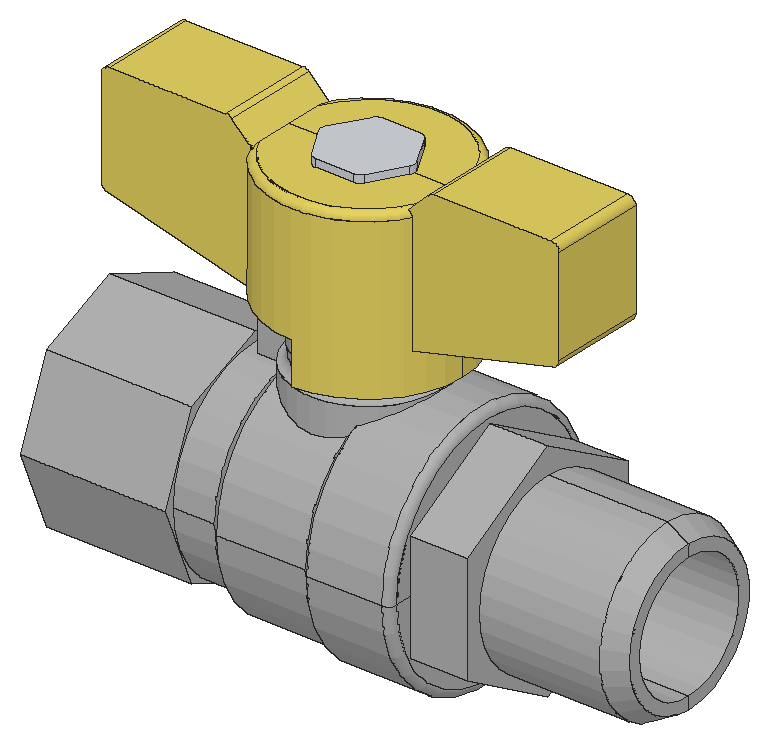
Revit family "QP00880000", category Apparecchi idraulici, Revit 2020
Family settings
  Quota connettore circolare = Usa diametro
  Tipo di parte = Normale
  Numero OmniClass = 23.45.00.00
  Titolo OmniClass = Sanitary, Laundry, and Cleaning Equipment
  Basato su piano di lavoro = No
  Sempre verticale = Sì
  Taglio con vuoti quando caricato = No
  Condiviso = No
  Punto di calcolo locali = No
Parameters
  URL = "https://web.cimberio.com/index.php/figura/818?subcategoria_id=95643"
  Temperatura di esercizio = "-20 ÷ 60°C"
  Prospetto di default = 0 mm
  Produttore = "CIMBERIO SPA"
  Pressione nominale = "MOP 5"
  Modello = "Cim 301/16G"
  Materiale = "Prodotto in lega di ottone conforme alla norma EN 12165-CW617N-DW"
  Descrizione = "Utilizzato nell’impiantistica distributiva di gas a bassa pressione per le categorie:\r\nGas naturali: gas derivati dal petrolio (Metano) e gas di ricambio.\r\nGas di città: prodotti secondo i diversi procedimenti (Cracking - Cokerie - ecc.).\r\nGas liquidi: propano e miscele di gas propano/butano"
  DN Model [instance] = QP00881015 : QP00881015
  DN [instance] = 15 mm
  Commenti sul tipo = "Realizzato in ottemperanza ai requisiti gestionali della norma EN ISO 9001.\r\nCollaudato al 100% secondo la normativa EN 12266-1"
Reference planes
  plane 1 "Centro (Fronte/Retro)": y = 0
  plane 2: z = 0
  plane 3 "Centro (Sinistra/Destra)": x = 0
Dimensions and locks
  aligned and locked: level to plane 2
Nested families
  nested 1: "QP00881015" at (0, 0, 0), type <- "DN Model", type "QP00881015"
  nested 2: "QP00881015" at (0, 0, 0), type <- "DN Model", type "QP00881015"
  nested 3: "QP00881015" at (0, 0, 0), type <- "DN Model", type "QP00881015"
  nested 4: "QP00881015" at (0, 0, 0), type <- "DN Model", type "QP00881015"
  nested 5: "QP00881015" at (0, 0, 0), type <- "DN Model", type "QP00881015"
  nested 6: "QP00881015" at (0, 0, 0), type <- "DN Model", type "QP00881015"
  nested 7: "QP00881015" at (0, 0, 0), type <- "DN Model", type "QP00881015"
  nested 8: "QP00881015" at (0, 0, 0), type <- "DN Model", type "QP00881015"
Connectors
  piping at (38.6, 0, 0), diameter 15, driven by "DN"
    settings: on nested 1, index 1, connector inside diameter 609.6 mm, connector length 0 mm, flow factor 0, pipe flow 0.0 L/s, pressure drop 0.0 Pa, fitting loss kfactor 0, connector angle 0.00°, fixture units 0, engagement length 0 mm, angle of deflection 0.00°, flow configuration 0, flow direction 0, fitting loss method 0, system type 7, joint type 0, gender type 0, connector reference index -1, connector utility 0, adjustable connector no, is connector primary yes, connector description ""
  piping at (-31, 0, 0), diameter 15, driven by "DN"
    settings: on nested 1, index 2, connector inside diameter 609.6 mm, connector length 0 mm, flow factor 0, pipe flow 0.0 L/s, pressure drop 0.0 Pa, fitting loss kfactor 0, connector angle 0.00°, fixture units 0, engagement length 0 mm, angle of deflection 0.00°, flow configuration 0, flow direction 0, fitting loss method 0, system type 7, joint type 0, gender type 0, connector reference index -1, connector utility 0, adjustable connector no, is connector primary no, connector description ""
Definition of nested family "QP00881015"
  Parameters (values of type "QP00881015")
    Default Elevation = 0 mm
  Reference planes
    plane 1 "Centro (Fronte/Retro)": y = 0
    plane 2: z = 0
    plane 3 "Centro (Sinistra/Destra)": x = 0
  Forms (mm)
    Revolve 1, solid
      sketch origin (0, 0, 0) x (1, 0, 0) y (0, 1, 0)
        loop
          line (-13.5, 7.5) -> (14.6, 7.5) -> (14.6, 14)
          arc (14.6, 14) -> (14.307, 14.707) -> (13.6, 15) r 1
          line (13.6, 15) -> (4.6, 15) -> (3.7, 14.1) -> (-6.9, 14.1) -> (-8.5, 12.5) -> (-13.5, 12.5) -> (-13.5, 7.5)
        axis (-13.5, 0) -> (14.6, 0)
      angle from 0 to 360
    Extrusion 2, solid
      sketch origin (0, 0, 0) x (0, 1, 0) y (0, 0, 1)
        loop
          circle (0, 0) r 7.5
        loop
          line (0, 13.5) -> (-9.546, 9.546) -> (-13.5, 0) -> (-9.546, -9.546) -> (0, -13.5) -> (9.546, -9.546) -> (13.5, 0) -> (9.546, 9.546) -> (0, 13.5)
      from -31 to -13.5
    Extrusion 3, solid
      sketch origin (0, 0, 0) x (0, 1, 0) y (0, 0, 1)
        loop
          circle (0, 0) r 7.5
        loop
          line (0, 13.5) -> (-11.998, 6.573) -> (-11.998, -6.573) -> (0, -13.5) -> (11.998, -6.573) -> (11.998, 6.573) -> (0, 13.5)
      from 13.6 to 21.6
    Revolve 4, solid
      sketch origin (0, 0, 0) x (1, 0, 0) y (0, 0, 1)
        loop
          line (36.081, 10.375) -> (21.6, 10.375) -> (21.6, 7.5) -> (38.6, 7.5) -> (38.6, 8.932) -> (36.081, 10.375)
        axis (38.6, 0) -> (21.6, 0)
      angle from 0 to 360
    Revolve 5, solid
      sketch origin (0, 0, 0) x (1, 0, 0) y (0, 0, 1)
        loop
          line (0.073, 21) -> (0.073, 10.62) -> (8.743, 10.62) -> (8.743, 15.007)
          arc (8.743, 15.007) -> (8.042, 15.298) -> (7.751, 15.999) r 0.992
          line (7.751, 15.999) -> (7.751, 21) -> (0.073, 21)
        axis (0.073, 10.62) -> (0.073, 21)
      angle from 0 to 360
    Extrusion 6, solid
      sketch origin (0, 0, 0) x (1, 0, 0) y (0, 0, 1)
        loop
          line (-12, 21) -> (-12, 10.093) -> (-7.365, 10.093) -> (-7.365, 21) -> (-12, 21)
      from 0 to 1.559
    Revolve 7, solid
      sketch origin (0, 0, 0) x (1, 0, 0) y (0, 0, 1)
        loop
          line (0, 22.3) -> (-7, 22.3) -> (-7, 21) -> (0, 21) -> (0, 22.3)
        axis (0, 22.3) -> (0, 21)
      angle from 0 to 360
    Revolve 8, solid
      sketch origin (0, 0, 0) x (1, 0, 0) y (0, 0, 1)
        loop
          line (0, 37.3) -> (0, 17.3) -> (11.388, 17.3) -> (11.388, 36.402)
          arc (11.388, 36.402) -> (11.125, 37.037) -> (10.491, 37.3) r 0.898
          line (10.491, 37.3) -> (0, 37.3)
        axis (0, 37.3) -> (0, 17.3)
      angle from 0 to 360
    Extrusion 9, void
      sketch origin (0, 0, 0) x (1, 0, 0) y (0, 1, 0)
        loop
          line (-7.75, 0) -> (-12.5, 0)
          arc (-12.5, 0) -> (-8.839, -8.839) -> (0, -12.5) r 12.5
          line (0, -12.5) -> (0, -7.75)
          arc (0, -7.75) -> (-5.48, -5.48) -> (-7.75, 0) r 7.75
      from 16.569 to 22.3
    Extrusion 10, solid
      sketch origin (0, 0, 0) x (1, 0, 0) y (0, 1, 0)
        loop
          line (-5.463, -0.544) -> (-3.204, -4.455)
          arc (-3.204, -4.455) -> (-2.804, -4.856) -> (-2.256, -5.003) r 1.095
          line (-2.256, -5.003) -> (2.244, -5.003)
          arc (2.244, -5.003) -> (2.802, -4.853) -> (3.21, -4.445) r 1.116
          line (3.21, -4.445) -> (5.469, -0.532)
          arc (5.469, -0.532) -> (5.612, 0) -> (5.469, 0.532) r 1.064
          line (5.469, 0.532) -> (3.219, 4.429)
          arc (3.219, 4.429) -> (2.8, 4.849) -> (2.226, 5.003) r 1.147
          line (2.226, 5.003) -> (-2.274, 5.003)
          arc (-2.274, 5.003) -> (-2.806, 4.86) -> (-3.195, 4.47) r 1.064
          line (-3.195, 4.47) -> (-5.463, 0.544)
          arc (-5.463, 0.544) -> (-5.608, 0) -> (-5.463, -0.544) r 1.088
      from 37.3 to 38.172
    Extrusion 11, solid
      sketch origin (0, 0, 0) x (1, 0, 0) y (0, 0, 1)
        loop
          arc (-26.532, 39.8) -> (-27.216, 39.516) -> (-27.5, 38.832) r 0.968
          line (-27.5, 38.832) -> (-27.5, 27.246)
          arc (-27.5, 27.246) -> (-27.295, 26.649) -> (-26.766, 26.306) r 0.968
          line (-26.766, 26.306) -> (-8.904, 21.853) -> (-7.432, 35.146) -> (-11.792, 39.506)
          arc (-11.792, 39.506) -> (-12.116, 39.723) -> (-12.499, 39.8) r 1
          line (-12.499, 39.8) -> (-26.532, 39.8)
        loop
          line (26.532, 39.8) -> (12.499, 39.8)
          arc (12.499, 39.8) -> (12.116, 39.723) -> (11.792, 39.506) r 1
          line (11.792, 39.506) -> (6.427, 34.141) -> (7.818, 21.582) -> (26.766, 26.306)
          arc (26.766, 26.306) -> (27.295, 26.649) -> (27.5, 27.246) r 0.968
          line (27.5, 27.246) -> (27.5, 38.832)
          arc (27.5, 38.832) -> (27.216, 39.516) -> (26.532, 39.8) r 0.968
      from -5.812 to 5.689
  Cuts and joins
    Extrusion 9 cuts Revolve 1
    Extrusion 9 cuts Extrusion 6
    Extrusion 9 cuts Revolve 8
  Dimensions and locks
    aligned and locked: level to plane 2
